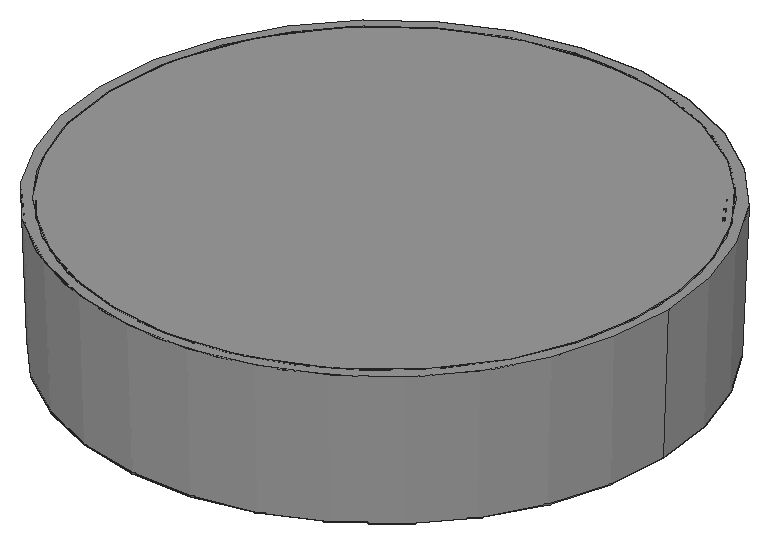
Revit family "FEN2_63_UN_Surface-mounted_ETK", category Lighting Fixtures, Revit 2017
Family settings
  Round Connector Dimension = Use Diameter
  Part Type = Normal
  OmniClass Number = 23.80.70.11.14.11
  OmniClass Title = Downlights
  Work Plane-Based = No
  Always vertical = Yes
  Cut with Voids When Loaded = No
  Light Source = No
  Shared = No
  Room Calculation Point = Yes
Parameters (values of type "FEN.2101.xx  -23W / 700-1960lm / 3000K")
  Wattage Comments = "23W"
  Wall mounted [instance] = no
  Voltage = 230 V
  URL = "https://www.etk.nl/producten/fen-2/"
  Type Comments = "IP66 - IK10"
  Symbol_Waterproof [instance] = no
  Symbol_Emergency Lighting [instance] = no
  Switch Code [instance] = ""
  Model = "FEN2"
  Manufacturer = "ETK licht B.V."
  Luminaire_Body_Material = 11 Matt white
  Luminaire Code [instance] = ""
  Light Source = FEN.2 - Lightsource : FEN.2101.xx - 23W / 700-1960lm / 3000K
  Lamp = "LED"
  IfcExportType = "USERDEFINED"
  IfcExportAs = "IfcLightFixtureType"
  Distance Symbol [instance] = if(Wall mounted, 233 mm, 0 mm)  # 0 mm
  Description = "Surface Mounted"
  Copyright © IVLighting = "www.ivlighting.nl"
  Ceiling mounted [instance] = not(Wall mounted)  # yes
  Assembly Code = "63.0"
  Apparent Load = 23 VA
Types (9): name
  (no name)
  FEN.2101.xx  -23W / 700-1960lm / 3000K
  FEN.2201.xx  -23W / 720-2930lm / 4000K
  FEN.2103.xx  -23W / 700-1960lm / 3000K
  FEN.2111.xx  -23W / 700-1960lm / 3000K
  FEN.2121.xx  -23W / 700-1960lm / 3000K
  FEN.2203.xx  -23W / 720-2930lm / 4000K
  FEN.2211.xx  -23W / 720-2930lm / 4000K
  FEN.2221.xx  -23W / 720-2930lm / 4000K
Reference planes
  plane 1 "Center (Front/Back)": y = 0
  plane 2: z = 0
  plane 3 "Center (Left/Right)": x = 0
Dimensions and locks
  "Distance Symbol": plane 3 "Center (Left/Right)" to nested 1
  aligned and locked: level to plane 2
  aligned and locked: nested 2 to plane 3 "Center (Left/Right)"
Nested families
  nested 1: "FEN.2 Light_Symbol_IVL" at (0, 0, 0), Emergency Lighting <- "Symbol_Emergency Lighting", Wall mounted <- "Wall mounted", Waterproof <- "Symbol_Waterproof", type "Symbol"
    with Waterproof no, Wall mounted no, Lighting Fixture yes, Emergency Lighting no
  nested 2: "FEN2 Geometry" at (0, 0, -0.011) x (0, 0, 1) z (-1, 0, 0), visible <- "Wall mounted", type "Geometry"
  nested 3: "FEN2 Geometry" at (0, 0, 0) x (0, -1, 0) z (0, 0, 1), visible <- "Ceiling mounted", type "Geometry"
  nested 4: "FEN.2 - Lightsource" at (75.039, -3.799, 2.924) x (0, 0, -1) z (-1, 0, 0), visible <- "Wall mounted", type <- "Light Source", type "FEN.2101.xx - 23W / 700-1960lm / 3000K"
  nested 5: "FEN.2 - Lightsource" at (0, -0.95, -78.75), visible <- "Ceiling mounted", type <- "Light Source", type "FEN.2101.xx - 23W / 700-1960lm / 3000K"
Connectors
  electrical at (0, 0, 0), driven by "Apparent Load"
    settings: index 1, voltage 0 V, apparent load 0 VA, apparent load phase1 23 VA, apparent load phase2 0 VA, apparent load phase3 0 VA, power factor 1, load classification "Other", number of poles 1, system type 31, power factor state 1, is connector primary yes, connector utility no, sub classification motor no, connector description ""
Definition of nested family "FEN2 Geometry"
  Parameters (values of type "Geometry")
    URL = "https://www.etk.nl/producten/fen-2/"
    Type Comments = "IP66 - IK10"
    Symbol_Waterproof [instance] = no
    Symbol_Emergency Lighting [instance] = no
    Radius Fixture = (Diameter / 2) - 10.2 mm  # 152.3 mm
    Model = "FEN2"
    Manufacturer = "ETK licht B.V."
    Luminaire_Body_Material = none
    Diameter plate = Diameter - 12 mm  # 313 mm
    Diameter = 325 mm
    Description = "Surface Mounted"
    Default Elevation = 1219.2 mm
    Copyright © IVLighting = "www.ivlighting.nl"
    Assembly Code = "63.0"
  Reference planes
    plane 1 "Center (Front/Back)": y = 0
    plane 2: z = 0
    plane 3 "Center (Left/Right)": x = 0
  Forms (mm)
    Extrusion 1, solid, material <- "Luminaire_Body_Material"
      sketch origin (0, 0, 0) x (1, 0, 0) y (0, 1, 0)
        loop
          circle (0, 0) r 156.5
      from -3.574 to 0
    Sweep 2, solid, material <- "Luminaire_Body_Material"
      path origin (0, 0, 0) x (0, -1, 0) y (1, 0, 0)
        loop
          circle (0, 0) r 162.5
      profile origin (162.5, 0, 0) x (-1, 0, 0) y (0, 0, 1)
        loop
          arc (2.735, -76.747) -> (3, -77.002) -> (3.265, -76.747) r 0.265
          line (3.265, -76.747) -> (5.945, -0.009) -> (0.055, -0.009) -> (2.735, -76.747)
    Revolve 3, solid
      sketch origin (0, 0, 0) x (1, 0, 0) y (0, 0, 1)
        loop
          line (-152.3, -3.574) -> (-152.3, -63.574)
          arc (-152.3, -63.574) -> (-149.371, -70.646) -> (-142.3, -73.574) r 10
          line (-142.3, -73.574) -> (0, -73.574) -> (0, -3.574) -> (-152.3, -3.574)
        axis (0, -3.574) -> (0, -73.574)
      angle from 0 to 360
    Revolve 4, solid, material <- "Luminaire_Body_Material"
      sketch origin (0, 0, 0) x (1, 0, 0) y (0, 0, 1)
        loop
          line (-152.3, -3.574) -> (-153.272, -3.574) -> (-153.272, -31.074) -> (-153.272, -47.108) -> (-152.3, -47.108) -> (-152.3, -3.574)
        axis (0, -3.574) -> (0, -47.108)
      angle from 0 to 360
  Cuts and joins
    joined: Extrusion 1, Sweep 2, Revolve 4
  Dimensions and locks
    "Radius Fixture": plane 3 "Center (Left/Right)" to Revolve 3 sketch curve
    locked: Revolve 4 sketch curve to Revolve 4 sketch curve at 0.972
    "Diameter": diameter of Sweep 2 sketch curve
    "Diameter plate": diameter of Extrusion 1 sketch curve
    aligned and locked: level to plane 2
    aligned and locked: Revolve 4 sketch curve to Revolve 3
  Automatic sketch dimensions
    Sweep 2 sketch curve to profile plane = 0.009 mm
    Sweep 2 sketch curve to profile plane = 0.055 mm
    Sweep 2 sketch curve to profile plane = 2.735 mm
    Sweep 2 sketch curve to Sweep 2 sketch curve = 0.265 mm  (x2)
    Sweep 2 sketch curve to Sweep 2 sketch curve = 5.889 mm
    Sweep 2 sketch curve to profile plane = 76.737 mm
    Sweep 2 sketch curve to Sweep 2 sketch curve = 0.009 mm
    Sweep 2 sketch curve to Sweep 2 sketch curve = 0 mm
    Revolve 4 sketch curve to plane 3 "Center (Left/Right)" = 0 mm
    Revolve 4 sketch curve to level = 3.574 mm
    Revolve 4 sketch curve to Revolve 4 sketch curve = 27.5 mm
    Revolve 4 sketch curve to Revolve 4 sketch curve = 16.034 mm
    Revolve 4 sketch curve to Revolve 4 sketch curve = 318.936 mm
    level to Revolve 4 sketch curve = 2214.315 mm
    plane 1 "Center (Front/Back)" to Extrusion 1 sketch curve = 0 mm
    Extrusion 1 sketch curve to plane 3 "Center (Left/Right)" = 0 mm
    plane 1 "Center (Front/Back)" to Sweep 2 sketch curve = 0 mm
    Sweep 2 sketch curve to plane 3 "Center (Left/Right)" = 0 mm
    Revolve 3 sketch curve to plane 3 "Center (Left/Right)" = 0 mm  (x2)
    Revolve 3 sketch curve to Revolve 3 sketch curve = 10 mm
    Revolve 3 sketch curve to level = 73.574 mm
    Revolve 3 sketch curve to level = 3.574 mm
    Revolve 3 sketch curve to Revolve 3 sketch curve = 292.47 mm
    level to Revolve 3 sketch curve = 2214.315 mm
Definition of nested family "FEN.2 Light_Symbol_IVL"
  Parameters (values of type "Symbol")
    Waterproof [instance] = no
    Wall mounted [instance] = no
    Lighting Fixture [instance] = yes
    Emergency Lighting [instance] = no
  Reference planes
    plane 1: y = 0
    plane 2: x = 0
  Lines and regions (mm)
    Filled region 1, type "Emergency Lighting", visible <- "Waterproof"
      outline origin (5.15, 1.04, 0) x (1, 0, 0) y (0, 1, 0)
        loop
          arc (-6.75, -1.04) -> (-5.15, -2.64) -> (-3.55, -1.04) r 1.6
          line (-3.55, -1.04) -> (-6.75, -1.04)
    Filled region 2, type "Emergency Lighting", visible <- "Emergency Lighting"
      outline origin (-5.15, 1.04, 0) x (0, 1, 0) y (-1, 0, 0)
        loop
          line (-1.04, -5.15) -> (-2.172, -6.281)
          arc (-2.172, -6.281) -> (-1.04, -6.75) -> (0.091, -6.281) r 1.6
          line (0.091, -6.281) -> (-1.04, -5.15)
    Filled region 3, type "Emergency Lighting", visible <- "Emergency Lighting"
      outline origin (5.15, 1.04, 0) x (1, 0, 0) y (0, 1, 0)
        loop
          line (-5.15, -1.04) -> (-6.281, 0.091)
          arc (-6.281, 0.091) -> (-6.75, -1.04) -> (-6.281, -2.172) r 1.6
          line (-6.281, -2.172) -> (-5.15, -1.04)
    detail lines, visible <- "Lighting Fixture"
      curve 1: circle (0, 0, 0) r 1.6 normal (0, 0, 1)
    detail lines, visible <- "Waterproof"
      curve 2: circle (0, 0, 0) r 1.6 normal (0, 0, 1)
    detail lines, visible <- "Emergency Lighting"
      curve 3: circle (0, 0, 0) r 1.6 normal (0, 0, 1)
    detail lines, visible <- "Wall mounted"
      curve 4: line (-1.6, 0, 0) -> (-2.33, 0, 0)
      curve 5: line (-2.33, 0.65, 0) -> (-2.33, -0.65, 0)
Definition of nested family "FEN.2 - Lightsource"
  Parameters (values of type "FEN.2101.xx - 23W / 700-1960lm / 3000K")
    Wattage Comments = "23W"
    Wattage = 13.1949 W
    built-in parameter 1150110 = 1 (stored number, unit not read)
    URL = "https://www.etk.nl/producten/fen-2/"
    built-in parameter 1114217 = 1 (stored number, unit not read)
    Tilt Angle = 90.00°
    built-in parameter 1150109 = 1 (stored number, unit not read)
    built-in parameter 1150134 = (empty or 0)
    built-in parameter 1150113 = 1 (stored number, unit not read)
    Photometric Web File = "FEN.2101.11_LDT.ies"
    Model = "FEN.2"
    Manufacturer = "ETK B.V."
    built-in parameter 1150105 = 155.97 (stored number, unit not read)
    Lumens = 1960 lm
    built-in parameter 1150115 = 1 (stored number, unit not read)
    built-in parameter 1150137 = (empty or 0)
    built-in parameter 1150139 = (empty or 0)
    built-in parameter 1150112 = 1 (stored number, unit not read)
    built-in parameter 1150114 = 1 (stored number, unit not read)
    Lamp = "LED"
    built-in parameter 1150132 = 2
    built-in parameter 1150102 = (empty or 0)
    built-in parameter 1150107 = 3000 (stored number, unit not read)
    built-in parameter 1150138 = (empty or 0)
    built-in parameter 1150106 = 1.5597 (stored number, unit not read)
    built-in parameter 1150104 = 13.8 (stored number, unit not read)
    Dimming Lamp Color Temperature Shift = (empty or 0)
    Description = "Light sources"
    Default Elevation = 0 mm
    Copyright © IVLighting = "www.ivlighting.nl"
    Color Filter = 16777215
    built-in parameter 1114218 = 1 (stored number, unit not read)
    built-in parameter 1150133 = 10 (stored number, unit not read)
    Assembly Code = "63.0"
    Apparent Load = 23 VA
  Types (8, lengths in mm): name | Wattage | built-in parameter 1150134 | Photometric Web File | built-in parameter 1150105 | Lumens | built-in parameter 1150107 | built-in parameter 1150106
    FEN.2101.xx - 23W / 700-1960lm / 3000K | 13.1949 W | (empty or 0) | "FEN.2101.11_LDT.ies" | 155.97 (stored number, unit not read) | 1960 lm | 3000 (stored number, unit not read) | 1.5597 (stored number, unit not read)
    FEN.2201.xx - 23W / 720-2030lm / 4000K | 13.6662 W | 12 | "FEN.2201.11_LDT.ies" | 161.54 (stored number, unit not read) | 2030 lm | 4000 (stored number, unit not read) | 1.6154 (stored number, unit not read)
    FEN.2103.xx - 23W / 700-1960lm / 3000K | 13.1949 W | (empty or 0) | "FEN.2103.11_LDT.ies" | 155.97 (stored number, unit not read) | 1960 lm | 3000 (stored number, unit not read) | 1.5597 (stored number, unit not read)
    FEN.2203.xx - 23W / 720-2030lm / 4000K | 13.6662 W | 12 | "FEN.2203.11_LDT.ies" | 161.54 (stored number, unit not read) | 2030 lm | 4000 (stored number, unit not read) | 1.6154 (stored number, unit not read)
    FEN.2111.xx - 23W / 700-1960lm / 3000K | 13.1949 W | (empty or 0) | "FEN.2111.11_LDT.ies" | 155.97 (stored number, unit not read) | 1960 lm | 3000 (stored number, unit not read) | 1.5597 (stored number, unit not read)
    FEN.2211.xx - 23W / 720-2030lm / 4000K | 13.6662 W | 12 | "FEN.2211.11_LDT.ies" | 161.54 (stored number, unit not read) | 2030 lm | 4000 (stored number, unit not read) | 1.6154 (stored number, unit not read)
    FEN.2121.xx - 23W / 700-1960lm / 3000K | 13.1949 W | (empty or 0) | "FEN.2121.11_LDT.ies" | 155.97 (stored number, unit not read) | 1960 lm | 3000 (stored number, unit not read) | 1.5597 (stored number, unit not read)
    FEN.2221.xx - 23W / 720-2030lm / 4000K | 13.6662 W | 12 | "FEN.2221.11_LDT.ies" | 161.54 (stored number, unit not read) | 2030 lm | 4000 (stored number, unit not read) | 1.6154 (stored number, unit not read)
  Reference planes
    plane 1 "Center (Front/Back)": y = 0
    plane 2: z = 0
    plane 3 "Center (Left/Right)": x = 0
  Dimensions and locks
    aligned and locked: level to plane 2
